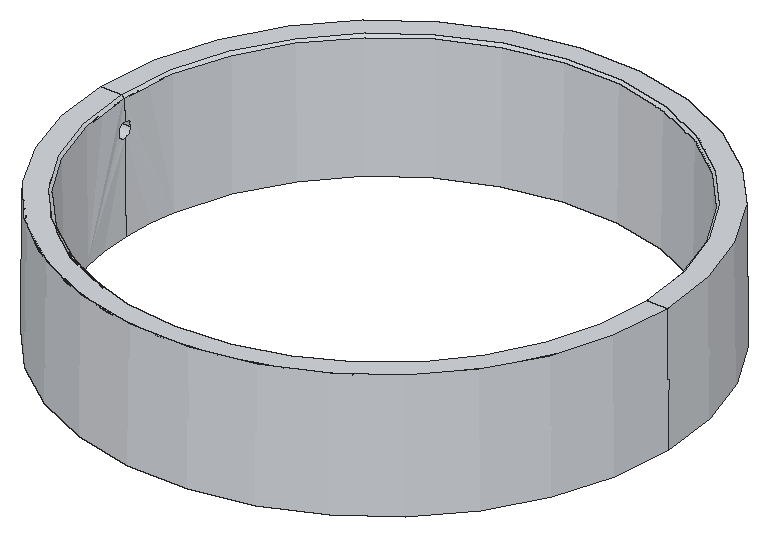
Revit family "Кольцо 2000х490 без замка КС 20.5", category Обобщенные модели, Revit 2023
Family settings
  Может служить основой для арматурных стержней = Нет
  Размер круглого соединителя = Использовать диаметр
  Тип детали = Нормальный
  На основе рабочей плоскости = Нет
  Всегда вертикально = Да
  При загрузке вырезать с полостями = Нет
  Сохранять ориентацию аннотаций = Нет
  Общий = Нет
  Точка принадлежности помещению = Нет
Parameters (values of type "Кольцо 2000х490 без замка КС 20.5")
  фаска = 10 mm
  толщ_на_h2_расч = (t1 - t2) / 2 * (h1 + h2) / ADSK_Размер_Высота + 10 mm  # 16.888 mm
  толщ_на_h1_расч = (t1 - t2) / 2 * h1 / ADSK_Размер_Высота + 10 mm  # 13.776 mm
  сужение_низ = 5 mm
  вырез2 = no
  вырез1 = yes
  Отметка по умолчанию = 0 mm
  t2 = 90 mm
  t1 = 100 mm
  h2 = 305 mm
  h1 = 370 mm
  ADSK_Размер_Диаметр = 2020 mm
  ADSK_Размер_Высота = 490 mm
  ADSK_Масса = 777
Reference planes
  plane 1 "По центру (Вперед/Назад)": y = 0
  plane 2: z = 0
  plane 3 "По центру (Влево/Вправо)": x = 0
  plane 4: x = 1010
  plane 5: x = -1010
  plane 6: y = 1010
  plane 7: y = -1010
  plane 8: z = 490
  plane 9: x = -1105
  plane 10: x = 1105
  plane 11: y = 1105
  plane 12: y = -1105
  plane 13: y = 1100
  plane 14: y = -1100
  plane 15: x = -1100
  plane 16: x = 1100
  plane 17: z = 370
  plane 18: z = 675
  plane 19: y = 1005
  plane 20: y = -1005
  plane 21: x = -1005
  plane 22: x = 1005
  plane 23: x = -1088.112
  plane 24: x = -1091.224
  plane 25: x = 1088.112
  plane 26: x = 1091.224
  plane 27: x = -1020
  plane 28: z = 480
Forms (mm)
  Extrusion 1, void, detail levels medium+fine
    sketch origin (0, 0, 0) x (0, -1, 0) y (0, 0, 1)
      loop
        circle (0, 370) r 30
    from -1091.224 to 1091.224
  Revolve 2, solid
    sketch origin (0, 0, 0) x (1, 0, 0) y (0, 0, 1)
      loop
        line (-1105, 0) -> (-1005, 0) -> (-1010, 480) -> (-1020, 490) -> (-1100, 490) -> (-1105, 0)
      axis (0, 490) -> (0, 0)
    angle from 0 to 360
Cuts and joins
  Extrusion 1 cuts Revolve 2
Dimensions and locks
  equal spacing: plane 5, plane 3 "По центру (Влево/Вправо)", plane 4
  equal spacing: plane 7, plane 1 "По центру (Вперед/Назад)", plane 6
  "ADSK_Размер_Диаметр": plane 5 to plane 4
  "ADSK_Размер_Диаметр": plane 7 to plane 6
  "t1": plane 9 to plane 21
  "t1": plane 22 to plane 10
  "t2": plane 6 to plane 13
  "t2": plane 14 to plane 7
  "t2": plane 15 to plane 5
  "t2": plane 4 to plane 16
  "h1": plane 17 to level
  "h2": plane 18 to plane 17
  "ADSK_Размер_Высота": plane 8 to level
  "сужение_низ": plane 5 to plane 21
  "сужение_низ": plane 22 to plane 4
  "сужение_низ": plane 19 to plane 6
  "сужение_низ": plane 7 to plane 20
  "t1": plane 12 to plane 20
  "t1": plane 19 to plane 11
  "толщ_на_h2_расч": plane 23 to plane 9
  "толщ_на_h1_расч": plane 24 to plane 9
  "толщ_на_h2_расч": plane 10 to plane 25
  "толщ_на_h1_расч": plane 10 to plane 26
  "фаска": plane 8 to plane 28
  "фаска": plane 5 to plane 27
  aligned and locked: level to plane 2
  aligned and locked: Extrusion 1 to plane 24
  aligned and locked: plane 26 to Extrusion 1
Automatic sketch dimensions
  Extrusion 1 sketch curve to plane 1 "По центру (Вперед/Назад)" = 0 mm
  Extrusion 1 sketch curve to plane 17 = 0 mm
  Revolve 2 sketch curve to level = 0 mm
  Revolve 2 sketch curve to plane 9 = 0 mm
  Revolve 2 sketch curve to plane 8 = 0 mm
  Revolve 2 sketch curve to plane 15 = 0 mm
  Revolve 2 sketch curve to plane 27 = 0 mm
  Revolve 2 sketch curve to plane 5 = 0 mm
  Revolve 2 sketch curve to plane 21 = 0 mm
  Revolve 2 sketch curve to plane 28 = 0 mm
  radius of Extrusion 1 sketch curve = 30 mm
